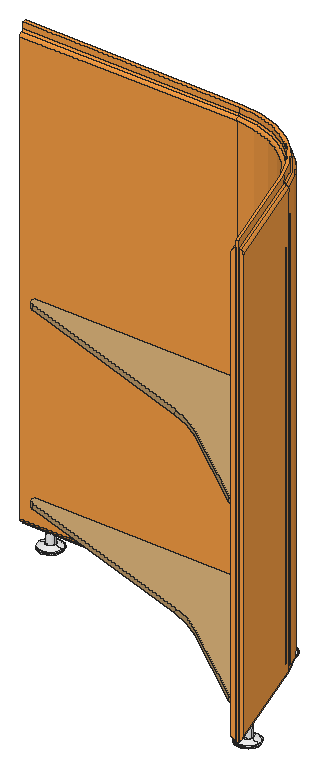
Revit family "77502 PACT - SCREEN SHELVES", category Furniture, Revit 2017
Family settings
  OmniClass Number = 23.40.20.00
  OmniClass Title = General Furniture and Specialties
  Work Plane-Based = No
  Always vertical = Yes
  Cut with Voids When Loaded = No
  Shared = No
  Room Calculation Point = No
Parameters
  URL = "http://www.keilhauer.com/"
  Model = "77502"
  Manufacturer = "Keilhauer"
  Description = "Screen with shelves"
Reference planes
  plane 1 "Center (Front/Back)": y = 0
  plane 2: z = 0
  plane 3 "Center (Left/Right)": x = 0
Forms (mm)
  Sweep 1, solid, material "#felt"
    path origin (0, 0, 0) x (1, 0, 0) y (0, 1, 0)
      loop
        line (-463.06, 208.602) -> (107.196, 208.602)
        arc (107.196, 208.602) -> (259.684, 160.523) -> (357.018, 33.675) r 265.855
        line (357.018, 33.675) -> (455.976, -238.209)
    profile origin (-177.932, 208.602, 0) x (0, 1, 0) y (0, 0, 1)
      loop
        line (4.001, 1219.613) -> (-3.855, 1219.613) -> (-3.855, 35.205) -> (4.001, 35.205) -> (4.001, 1219.613)
  Sweep 2, solid, material "#felt"
    path origin (0, 0, 0) x (1, 0, 0) y (0, 1, 0)
      loop
        line (-463.06, 208.675) -> (107.846, 208.675)
        arc (107.846, 208.675) -> (259.844, 160.75) -> (356.864, 34.31) r 265
        line (356.864, 34.31) -> (456.044, -238.184)
    profile origin (-177.607, 208.675, 0) x (0, 1, 0) y (0, 0, 1)
      loop
        arc (-3.928, 1204.694) -> (-5.33, 1201.296) -> (-7.672, 1198.463) r 12.321
        arc (-7.672, 1198.463) -> (-11.652, 1194.616) -> (-14.081, 1189.641) r 15.979
        line (-14.081, 1189.641) -> (-14.081, 50.503)
        arc (-14.081, 50.503) -> (-11.652, 45.528) -> (-7.672, 41.681) r 15.979
        arc (-7.672, 41.681) -> (-5.33, 38.848) -> (-3.928, 35.45) r 12.321
        line (-3.928, 35.45) -> (-3.928, 1204.694)
      loop
        line (3.928, 1204.694) -> (3.928, 35.45)
        arc (3.928, 35.45) -> (5.33, 38.848) -> (7.672, 41.681) r 12.321
        arc (7.672, 41.681) -> (11.652, 45.528) -> (14.081, 50.503) r 15.979
        line (14.081, 50.503) -> (14.081, 1189.641)
        arc (14.081, 1189.641) -> (11.652, 1194.616) -> (7.672, 1198.463) r 15.979
        arc (7.672, 1198.463) -> (5.33, 1201.296) -> (3.928, 1204.694) r 12.321
  Revolve 3, solid, material "#aluminum"
    sketch origin (824.591, -172.535, 0) x (1, 0, 0) y (0, 0, 1)
      loop
        arc (-380.043, 10.259) -> (-381.358, 11.223) -> (-381.86, 12.774) r 2.649
        line (-381.86, 12.774) -> (-381.86, 37.844)
        arc (-381.86, 37.844) -> (-386.219, 43.055) -> (-392.758, 44.898) r 11.507
        line (-392.758, 44.898) -> (-392.758, 0) -> (-363.182, 0)
        arc (-363.182, 0) -> (-362.542, 0.265) -> (-362.277, 0.905) r 0.905
        line (-362.277, 0.905) -> (-362.277, 3.495)
        arc (-362.277, 3.495) -> (-362.508, 4.211) -> (-363.115, 4.655) r 1.222
        line (-363.115, 4.655) -> (-380.043, 10.259)
      axis (-392.758, 44.898) -> (-392.758, 0)
    angle from 0 to 360
  Revolve 4, solid, material "#aluminum"
    sketch origin (-0.663, 208.96, 0) x (1, 0, 0) y (0, 0, 1)
      loop
        arc (-380.043, 10.259) -> (-381.358, 11.223) -> (-381.86, 12.774) r 2.649
        line (-381.86, 12.774) -> (-381.86, 37.844)
        arc (-381.86, 37.844) -> (-386.219, 43.055) -> (-392.758, 44.898) r 11.507
        line (-392.758, 44.898) -> (-392.758, 0) -> (-363.182, 0)
        arc (-363.182, 0) -> (-362.542, 0.265) -> (-362.277, 0.905) r 0.905
        line (-362.277, 0.905) -> (-362.277, 3.495)
        arc (-362.277, 3.495) -> (-362.508, 4.211) -> (-363.115, 4.655) r 1.222
        line (-363.115, 4.655) -> (-380.043, 10.259)
      axis (-392.758, 44.898) -> (-392.758, 0)
    angle from 0 to 360
  Revolve 5, solid, material "#aluminum"
    sketch origin (652.721, 160.992, 0) x (1, 0, 0) y (0, 0, 1)
      loop
        arc (-380.043, 10.259) -> (-381.358, 11.223) -> (-381.86, 12.774) r 2.649
        line (-381.86, 12.774) -> (-381.86, 37.844)
        arc (-381.86, 37.844) -> (-386.219, 43.055) -> (-392.758, 44.898) r 11.507
        line (-392.758, 44.898) -> (-392.758, 0) -> (-363.182, 0)
        arc (-363.182, 0) -> (-362.542, 0.265) -> (-362.277, 0.905) r 0.905
        line (-362.277, 0.905) -> (-362.277, 3.495)
        arc (-362.277, 3.495) -> (-362.508, 4.211) -> (-363.115, 4.655) r 1.222
        line (-363.115, 4.655) -> (-380.043, 10.259)
      axis (-392.758, 44.898) -> (-392.758, 0)
    angle from 0 to 360
  Extrusion 6, solid, material "#MDF"
    sketch origin (0, 0, 0) x (1, 0, 0) y (0, 1, 0)
      loop
        line (-410.493, 171.026) -> (92.065, 12.133)
        arc (92.065, 12.133) -> (137.887, -6.799) -> (179.814, -33.26) r 290
        line (179.814, -33.26) -> (406.276, -204.905)
        arc (406.276, -204.905) -> (414.634, -208.43) -> (423.66, -207.528) r 18.375
        line (423.66, -207.528) -> (429.171, -205.522) -> (343.633, 29.494)
        arc (343.633, 29.494) -> (251.767, 149.216) -> (107.846, 194.594) r 250.919
        line (107.846, 194.594) -> (-423.177, 194.594) -> (-423.177, 188.339)
        arc (-423.177, 188.339) -> (-419.667, 177.608) -> (-410.493, 171.026) r 18.158
    from 101.835 to 114.535
  Extrusion 7, solid, material "#MDF"
    sketch origin (-0.002, 0, 469.9) x (1, 0, 0) y (0, 1, 0)
      loop
        line (-410.493, 171.026) -> (92.065, 12.133)
        arc (92.065, 12.133) -> (137.887, -6.799) -> (179.814, -33.26) r 290
        line (179.814, -33.26) -> (406.276, -204.905)
        arc (406.276, -204.905) -> (414.634, -208.43) -> (423.66, -207.528) r 18.375
        line (423.66, -207.528) -> (429.171, -205.522) -> (343.633, 29.494)
        arc (343.633, 29.494) -> (251.767, 149.216) -> (107.846, 194.594) r 250.919
        line (107.846, 194.594) -> (-423.177, 194.594) -> (-423.177, 188.339)
        arc (-423.177, 188.339) -> (-419.667, 177.608) -> (-410.493, 171.026) r 18.158
    from 101.835 to 114.535
Lines and regions (mm)
  symbolic lines
    curve 1: line (421.083, -176.893, 0) -> (443.357, -168.785, 0)
    curve 2: line (427.555, -160.991, 0) -> (436.106, -184.484, 0)
Dimensions and locks
  aligned and locked: level to plane 2
